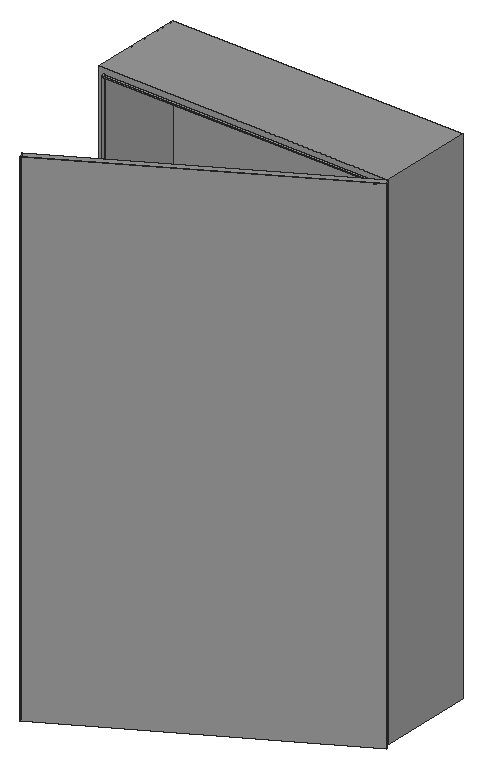
Revit family "Hager-Univers-IP55-D275-H1400-Cl.I-Steel_encl-NoHosted-AT-de", category Equipement électrique, Revit 2020
Family settings
  Configuration du panneau = Deux colonnes, circuits au sein
  Cote de connecteur circulaire = Utiliser le diamètre
  Type d'élément = Tableau de raccordement
  Basée sur le plan de construction = Oui
  Toujours verticalement = Oui
  Couper avec des vides une fois chargée = Non
  Partagée = Non
  Point de calcul de pièce = Non
Parameters (values of type "Aufputz IP55 B800 H1400 T275  - FR93E")
  Width Control [instance] = if([EF000008 - Breite] > Min Width, [EF000008 - Breite], Min Width)  # 800 mm
  Commentaires du type = [HG000003 - Bereich]  # "Univers"
  Thickness Door [instance] = if([EF009171 - Materialstärke Tür/Deckel] > 3 mm, 3 mm, [EF009171 - Materialstärke Tür/Deckel])  # 1.5 mm
  Seal Frame Offset [instance] = 17 mm  # constant formula
  Plinth Visibility [instance] = [HG000027 - Sockelhöhe] > 0 mm  # no
  Min Width [instance] = 100 mm  # constant formula
  Min Depth [instance] = (2 * [EF009170 - Materialstärke Gehäuse]) + 1 mm  # 4 mm
  Min Height [instance] = 100 mm  # constant formula
  Internal Frame Depth [instance] = (Door System Depth * 0.5)  # 9 mm
  Panel Name [instance] = ""  # (empty or 0)
  Model = ""
  HG000027 - Sockelhöhe = 0 mm
  HG000026 - Stehend auf dem Boden = no
  HG000024 - Höhe des unteren Teils = 600 mm
  HG000023 - Gehäuse mit doppeltem Querschnitt = no
  HG000016 - 3D-Türsichtbarkeit [instance] = yes
  HG000015 - Sichtbarkeit der Türöffnung [instance] = no
  HG000014 - Tür rechts [instance] = yes
  HG000013 - Tür links [instance] = not([HG000014 - Tür rechts])  # no
  HG000012 - Türschwenkwinkel [instance] = 30.00°
  HG000010 - Asymmetrische Türen = no
  HG000009 - Doppelflügeligen Tür = no
  HG000006 - Unterputz = no
  HG000004 - Herstellerreferenz = "FR93E"
  HG000003 - Bereich = "Univers"
  HG000002 - Mit tür = yes
  Frame Offset Bottom [instance] = 10 mm  # constant formula
  Frame Offset [instance] = 15 mm  # constant formula
  EF015940 - Deckel mit Überdruckentlastung = no
  EF011959 - Schutzart (NEMA) = ""
  EF009554 - Anzahl der Öffnungen für Flanschplatten = 6
  EF009212 - Ausführung Deckel = "EV000116 - geschlossen"
  EF009171 - Materialstärke Tür/Deckel = 1.5 mm
  EF009170 - Materialstärke Gehäuse = 1.5 mm
  EF008873 - Nennstrom (In) = 800 A
  EF007800 - Geeignet für Blitzschutz = no
  EF006306 - Mit Schloss = no
  EF006244 - Transparenter Deckel/Tür = no
  EF005474 - Schutzart (IP) = "EV006420 - IP55"
  EF004464 - Art der Tür = "EV002646 - Einzel"
  EF004427 - Anzahl der Module = 324
  EF004293 - Schlagfestigkeit = "EV008784 - IK10"
  EF003532 - Geeignet für Außengebrauch = no
  EF002950 - Breite in Teilungseinheiten = 24
  EF001613 - Funktionserhalt = "EV000494 - ohne"
  EF001596 - Werkstoff des Gehäuses = "EV000179 - Stahl"
  EF001131 - Innentiefe = 275 mm
  EF001088 - Anbaumöglichkeit = yes
  EF000437 - Anzahl der Leitungseinführungen = 6
  EF000339 - Art der Abdeckung = "EV004216 - Tür"
  EF000266 - Anzahl der Reihen = 9
  EF000218 - Einbautiefe = 0 mm
  EF000118 - Mit Montageplatte = no
  EF000116 - RAL-Nummer = "7035"
  EF000049 - Tiefe = 275 mm
  EF000040 - Höhe = 1400 mm
  EF000008 - Breite = 800 mm
  EF000007 - Farbe = "EV000270 - grau"
  EF000003 - Montageart = "EV000384 - Aufputz"
  Door System Leaf Tolerance [instance] = 1.5 mm  # constant formula
  Door System Depth [instance] = 18 mm  # constant formula
  Door Height [instance] = Height Control - [HG000027 - Sockelhöhe]  # 1400 mm
  Description = ""
  Default Elevation = 1219.2 mm
  Connector Offset [instance] = Height Control / 2  # 700 mm
  Fabricant = "Hager"  # constant formula
  Height Control [instance] = if([EF000040 - Höhe] > Min Height, [EF000040 - Höhe], Min Height)  # 1400 mm
  Depth Control [instance] = if([EF000049 - Tiefe] > Min Depth, [EF000049 - Tiefe], Min Depth)  # 275 mm
  Bottom Top Plate Trim [instance] = 1.5 mm  # constant formula
  Plinth height Ctrl [instance] = if([HG000027 - Sockelhöhe] > 0 mm, [HG000027 - Sockelhöhe], 12 mm)  # 12 mm
Types (5, lengths in mm): name | Width Control | HG000010 - Asymmetrische Türen | HG000009 - Doppelflügeligen Tür | HG000004 - Herstellerreferenz | EF009554 - Anzahl der Öffnungen für Flanschplatten | EF004464 - Art der Tür | EF004427 - Anzahl der Module | EF000437 - Anzahl der Leitungseinführungen | EF000008 - Breite
  Aufputz IP55 B1050 H1400 T275  - FR94E | 1050 | no | yes | "FR94E" | 8 | "EV003602 - Doppel" | 432 | 8 | 1050
  Aufputz IP55 B1300 H1400 T275  - FR95E | 1300 | yes | yes | "FR95E" | 10 | "EV003602 - Doppel" | 540 | 10 | 1300
  Aufputz IP55 B300 H1400 T275  - FR91E | 300 | no | no | "FR91E" | 2 | "EV002646 - Einzel" | 108 | 2 | 300
  Aufputz IP55 B550 H1400 T275  - FR92E | 550 | no | no | "FR92E" | 4 | "EV002646 - Einzel" | 216 | 4 | 550
  Aufputz IP55 B800 H1400 T275  - FR93E | 800 | no | no | "FR93E" | 6 | "EV002646 - Einzel" | 324 | 6 | 800
Reference planes
  plane 1 "Center (Front/Back)": y = 0
  plane 2: z = 0
  plane 3 "Center (Left/Right)": x = 0
  plane 4: y = 0
  plane 5: y = 0
  plane 6: z = 0
  plane 7: x = -400
  plane 8: x = 400
  plane 9: x = 398.5
  plane 10: x = -398.5
  plane 11: z = 0
  plane 12: z = 1.5
  plane 13: y = -275
  plane 14: y = -1.5
  plane 15: x = 0
  plane 16: y = -257
  plane 17: y = -273.5
  plane 18: y = -255.5
  plane 19: x = -383.5
  plane 20: x = 383.5
  plane 21: z = 11.5
  plane 22: x = -383
  plane 23: x = 383
  plane 24: z = 0
  plane 25: z = 1400
  plane 26: z = 1400
  plane 27: z = 1383.5
  plane 28: z = 1398.5
Forms (mm)
  Extrusion 1, solid, material "Hager_Steel_RAL7035_Light_Grey", detail levels medium+fine
    sketch origin (-208.679, -4572, 0) x (-1, 0, 0) y (0, -1, 0)
      loop
        line (191.321, -4315) -> (-608.679, -4315) -> (-608.679, -4572) -> (191.321, -4572) -> (191.321, -4315)
    from 0 to 1400
  Extrusion 2, void
    sketch origin (-350.771, -275, 1219.2) x (1, 0, 0) y (0, 0, 1)
      loop
        line (-47.729, 179.3) -> (-47.729, -1217.7) -> (749.271, -1217.7) -> (749.271, 179.3) -> (-47.729, 179.3)
    from -19.5 to -273.5
  Extrusion 3, void
    sketch origin (-290.084, -257, 1219.2) x (1, 0, 0) y (0, 0, 1)
      loop
        line (-93.416, -1207.7) -> (673.584, -1207.7) -> (673.584, 164.3) -> (-93.416, 164.3) -> (-93.416, -1207.7)
    from 0 to -1.5
  Extrusion 4, solid, material "Hager_Steel_RAL7035_Light_Grey", visible <- "Plinth Visibility", detail levels medium+fine
    sketch origin (0, 0, 0) x (1, 0, 0) y (0, 1, 0)
      loop
        line (-400, 0) -> (-400, -257) -> (400, -257) -> (400, 0) -> (-400, 0)
    from 0 to 12 <- "Plinth height Ctrl"
  Extrusion 5, solid, material "Hager_Steel_RAL7035_Light_Grey", detail levels coarse
    sketch origin (0, 0, 0) x (1, 0, 0) y (0, 1, 0)
      loop
        line (-400, 0) -> (-400, -275) -> (400, -275) -> (400, 0) -> (-400, 0)
    from 0 to 1400 <- "Height Control"
  Sweep 6, void
    path in 3D
      loop
        line (-400, -257, 12) -> (400, -257, 12) -> (400, 0, 12) -> (-400, 0, 12) -> (-400, -257, 12)
    profile origin (-400, -128.5, 12) x (1, 0, 0) y (0, 0, 1)
      loop
        line (0, 0) -> (0, -1.5) -> (1.5, -1.5)
        arc (1.5, -1.5) -> (1.061, -0.439) -> (0, 0) r 1.5
  Extrusion 7, solid, material "Hager_Steel_RAL7035_Light_Grey", detail levels fine
    sketch origin (-400, -257, 0) x (1, 0, 0) y (0, 0, 1)
      loop
        line (16.5, 11.5) -> (783.5, 11.5) -> (783.5, 1383.5) -> (16.5, 1383.5) -> (16.5, 11.5)
      loop
        line (15, 10) -> (785, 10) -> (785, 1385) -> (15, 1385) -> (15, 10)
    from 0 to 9 <- "Internal Frame Depth"
Cuts and joins
  Extrusion 2, Extrusion 3 cuts Extrusion 1
  Sweep 6 cuts Extrusion 4
Lines and regions (mm)
  Masking region 1
    outline origin (0, 0, 0) x (1, 0, 0) y (0, 1, 0)
      loop
        line (-400, 0) -> (-400, -275) -> (400, -275) -> (400, 0) -> (-400, 0)
  Masking region 2, detail levels coarse
    outline origin (-290.084, -257, 1219.2) x (-1, 0, 0) y (0, 0, 1)
      loop
        line (-690.084, -1219.2) -> (109.916, -1219.2) -> (109.916, 180.8) -> (-690.084, 180.8) -> (-690.084, -1219.2)
  Masking region 3, detail levels coarse
    outline origin (0, 0, 0) x (0, 1, 0) y (0, 0, 1)
      loop
        line (0, 0) -> (0, 1400) -> (-275, 1400) -> (-275, 0) -> (0, 0)
  Masking region 4, visible <- "Plinth Visibility", detail levels medium+fine
    outline origin (0, 0, 0) x (0, 1, 0) y (0, 0, 1)
      loop
        line (-1.5, 12) -> (-255.5, 12)
        arc (-255.5, 12) -> (-255.939, 10.939) -> (-257, 10.5) r 1.5
        line (-257, 10.5) -> (-257, 0) -> (0, 0) -> (0, 10.5)
        arc (0, 10.5) -> (-1.061, 10.939) -> (-1.5, 12) r 1.5
  Masking region 5, detail levels medium+fine
    outline origin (0, 0, 594.038) x (0, 1, 0) y (0, 0, 1)
      loop
        line (0, -594.038) -> (0, 805.962) -> (-257, 805.962) -> (-257, -594.038) -> (0, -594.038)
  Masking region 6, detail levels medium+fine
    outline origin (-359.7, -257, 1211.883) x (-1, 0, 0) y (0, 0, 1)
      loop
        line (-759.7, -1211.883) -> (40.3, -1211.883) -> (40.3, 188.117) -> (-759.7, 188.117) -> (-759.7, -1211.883)
  Masking region 7, visible <- "Plinth Visibility", detail levels medium+fine
    outline origin (-320.334, -257, 1041.368) x (-1, 0, 0) y (0, 0, 1)
      loop
        line (-720.334, -1041.368) -> (79.666, -1041.368) -> (79.666, -1030.868)
        arc (79.666, -1030.868) -> (78.606, -1030.429) -> (78.166, -1029.368) r 1.5
        line (78.166, -1029.368) -> (-718.834, -1029.368)
        arc (-718.834, -1029.368) -> (-719.273, -1030.429) -> (-720.334, -1030.868) r 1.5
        line (-720.334, -1030.868) -> (-720.334, -1041.368)
  sketch lines
    curve 1: line (-400, 0, 12) -> (-400, -257, 12)
    curve 2: line (-400, -257, 12) -> (400, -257, 12)
    curve 3: line (400, 0, 12) -> (-400, 0, 12)
    curve 4: line (400, -257, 12) -> (400, 0, 12)
Dimensions and locks
  locked: plane 1 "Center (Front/Back)" to plane 5
  "EF009170 - Materialstärke Gehäuse": plane 7 to plane 10
  "EF009170 - Materialstärke Gehäuse": plane 8 to plane 9
  equal spacing: plane 7, plane 3 "Center (Left/Right)", plane 8
  "Width Control": plane 7 to plane 8
  "Depth Control": plane 4 to plane 13
  "EF009170 - Materialstärke Gehäuse": plane 4 to plane 14
  "Height Control": plane 25 to level
  "HG000027 - Sockelhöhe": plane 11 to level
  "EF009170 - Materialstärke Gehäuse": plane 12 to plane 11
  "EF009170 - Materialstärke Gehäuse": plane 17 to plane 13
  "EF009170 - Materialstärke Gehäuse": plane 18 to plane 16
  "Frame Offset Bottom": plane 21 to plane 12
  "Frame Offset": plane 10 to plane 19
  "Frame Offset": plane 9 to plane 20
  "Door System Depth": plane 16 to plane 13
  "Seal Frame Offset": plane 7 to plane 22
  "Seal Frame Offset": plane 8 to plane 23
  "EF009170 - Materialstärke Gehäuse": plane 26 to plane 28
  "Frame Offset": plane 28 to plane 27
  "Connector Offset": plane 2 to connector elem
  "Bottom Top Plate Trim": profile plane to Sweep 6 sketch curve
  "Bottom Top Plate Trim": Sweep 6 sketch curve to Sweep 6 sketch curve
  "Plinth height Ctrl": Masking region 4 sketch curve to level
  "Plinth height Ctrl": Masking region 7 sketch curve to level
  "Thickness Door": Extrusion 7 sketch curve to Extrusion 7 sketch curve  (x4)
  "Bottom Top Plate Trim": radius of Sweep 6 sketch curve
  "Bottom Top Plate Trim": radius of Masking region 4 sketch curve  (x2)
  "Bottom Top Plate Trim": radius of Masking region 7 sketch curve  (x2)
  aligned and locked: Extrusion 2 sketch curve to plane 12
  aligned and locked: Extrusion 2 sketch curve to plane 9
  aligned and locked: Extrusion 2 sketch curve to plane 10
  aligned and locked: Extrusion 2 to plane 14
  aligned and locked: Extrusion 1 sketch curve to plane 4
  aligned and locked: plane 8 to Extrusion 1 sketch curve
  aligned and locked: plane 7 to Extrusion 1 sketch curve
  aligned and locked: Extrusion 2 to plane 18
  aligned and locked: Extrusion 3 sketch curve to plane 19
  aligned and locked: plane 20 to Extrusion 3 sketch curve
  aligned and locked: Extrusion 3 to Extrusion 2
  aligned and locked: Extrusion 3 sketch curve to plane 21
  aligned and locked: plane 3 "Center (Left/Right)" to nested 1
  aligned and locked: Extrusion 1 sketch curve to plane 16
  aligned and locked: Extrusion 4 sketch curve to cut or joined group of Extrusion 1, Extrusion 2, Extrusion 3
  aligned and locked: Masking region 1 sketch curve to plane 7
  aligned and locked: Masking region 1 sketch curve to plane 5
  aligned and locked: Masking region 1 sketch curve to plane 8
  aligned and locked: Masking region 2 sketch curve to level
  aligned and locked: level to Masking region 3 sketch curve
  aligned and locked: plane 1 "Center (Front/Back)" to Masking region 3 sketch curve
  aligned and locked: plane 13 to Masking region 3 sketch curve
  aligned and locked: plane 5 to Masking region 4 sketch curve
  aligned and locked: Masking region 2 sketch curve to plane 8
  aligned and locked: Masking region 2 sketch curve to plane 7
  aligned and locked: plane 7 to nested 2
  aligned and locked: nested 2 to plane 5
  aligned and locked: plane 5 to Masking region 5 sketch curve
  aligned and locked: plane 26 to Masking region 5 sketch curve
  aligned and locked: Extrusion 5 sketch curve to plane 8
  aligned and locked: Extrusion 5 sketch curve to plane 7
  aligned and locked: Extrusion 5 sketch curve to plane 5
  aligned and locked: Extrusion 3 sketch curve to plane 27
  aligned and locked: Extrusion 2 sketch curve to plane 28
  aligned and locked: Masking region 2 to plane 25
  aligned and locked: Extrusion 4 to plane 16
  aligned and locked: profile plane to Sweep 6 sketch curve
  aligned and locked: Masking region 5 sketch curve to plane 24
  aligned and locked: level to Masking region 4 sketch curve
  aligned and locked: Masking region 1 to plane 13
  aligned and locked: nested 1 to plane 16
  aligned and locked: Masking region 3 to plane 25
  aligned and locked: plane 16 to Masking region 4 sketch curve
  aligned and locked: Masking region 5 sketch curve to plane 16
  aligned and locked: plane 24 to plane 11
  aligned and locked: plane 26 to plane 25
  aligned and locked: plane 26 to cut or joined group of Extrusion 1, Extrusion 2, Extrusion 3
  aligned and locked: nested 1 to plane 24
  aligned and locked: Extrusion 1 to Extrusion 3
  aligned and locked: Masking region 6 sketch curve to plane 8
  aligned and locked: Masking region 6 sketch curve to plane 24
  aligned and locked: Masking region 6 sketch curve to plane 7
  aligned and locked: Masking region 6 sketch curve to plane 26
  aligned and locked: Masking region 7 sketch curve to plane 7
  aligned and locked: level to Masking region 7 sketch curve
  aligned and locked: Masking region 7 sketch curve to plane 8
  aligned and locked: Extrusion 7 sketch curve to cut or joined group of Extrusion 1, Extrusion 2, Extrusion 3  (x4)
Automatic sketch dimensions
  plane 19 to Extrusion 3 sketch curve = 0 mm
  Extrusion 3 sketch curve to plane 20 = 0 mm
  Extrusion 3 sketch curve to plane 21 = 0 mm
  Extrusion 4 sketch curve to plane 7 = 0 mm
  Extrusion 4 sketch curve to plane 8 = 0 mm
  Extrusion 4 sketch curve to plane 16 = 0 mm
  Masking region 1 sketch curve to plane 13 = 0 mm
  Masking region 2 sketch curve to plane 25 = 0 mm
  Masking region 3 sketch curve to plane 25 = 0 mm
  Extrusion 5 sketch curve to plane 13 = 0 mm
  profile plane to Sweep 6 sketch curve = 0 mm
Nested families
  nested 1: "EC000058_Univers_Door" at (0, -257, 0), Double <- "HG000009 - Doppelflügeligen Tür", Transparent <- "EF006244 - Transparenter Deckel/Tür", Angle <- "HG000012 - Türschwenkwinkel", Door_Right <- "HG000014 - Tür rechts", Assymetrical <- "HG000010 - Asymmetrische Türen", Door <- "HG000002 - Mit tür", Width_Ctrl <- "Width Control", 3d_Door <- "HG000016 - 3D-Türsichtbarkeit", Clearance <- "HG000015 - Sichtbarkeit der Türöffnung", Door_Left <- "HG000013 - Tür links", Width <- "Width Control", Door_Depth <- "Door System Depth", Leaf_Tolerance <- "Door System Leaf Tolerance", Height <- "Door Height", Lock_Visibility <- "EF006306 - Mit Schloss", Thickness <- "Thickness Door", type "EC000058_Univers_Door", detail levels medium+fine
    with min_wh 4 mm, Width_Ctrl 800 mm, Width 800 mm, Transparent no, Thickness 1.5 mm, Seal_Material Hager_Rubber, Lock_Visibility no, Lock_Material Hager_Plastic_RAL9005_Jet_Black, Leaf_Width 800 mm, Leaf_Tolerance_External_Sides 0 mm, Leaf_Tolerance 1.5 mm, Leaf_Offset 0 mm, Leaf_Height 1397 mm, Leaf_2_Width 800 mm, Leaf_2_Offset 400 mm, Leaf_1_Width 800 mm, Leaf_1_Offset 400 mm, Height_Ctrl 1400 mm, Height 1400 mm, Glass_Material Hager_Glass, Double_Clearance_Ctrl no, Double no, Door_Right_Ctrl yes, Door_Right yes, Door_Material Hager_Steel_RAL7035_Light_Grey, Door_Left_Ctrl no, Door_Left no, Door_Depth 18 mm, Door yes, Clearance_Material Hager_Clearance, Clearance_Depth 800 mm, Clearance_Ctrl no, Clearance no, Assymetrical no, Angle 30.00°, 3d_Door yes
  nested 2: "Hager_Enclosure_Symbol" at (-400, 0, 0), Height <- "Depth Control", Width <- "Width Control", type "Hager_Enclosure_Symbol"
    with Width_Ctrl 800 mm, Width 800 mm, Height_Ctrl 275 mm, Height 275 mm, A_Width_Int 18.047 mm, A_Width 216.562 mm, A_Height_Ctrl 240.625 mm, A_Height 240.625 mm
Connectors
  electrical at (0, 0, 700)
    settings: on plane 1 "Center (Front/Back)", index 1, voltage 0 V, apparent load 0 VA, apparent load phase1 0 VA, apparent load phase2 0 VA, apparent load phase3 0 VA, power factor 1, load classification "Other", number of poles 1, system type 30, power factor state 1, is connector primary yes, connector utility no, sub classification motor no, connector description ""
Definition of nested family "EC000058_Univers_Door"
  Parameters (values of type "EC000058_Univers_Door")
    min_wh [instance] = (2 * Thickness) + 1 mm  # 11 mm
    Width_Ctrl [instance] = 400 mm
    Width [instance] = 500 mm
    Transparent [instance] = yes
    Thickness [instance] = 5 mm
    Seal_Material [instance] = none
    Lock_Visibility [instance] = yes
    Lock_Material [instance] = none
    Leaf_Width [instance] = if((Width_Ctrl - 2 * Leaf_Tolerance_External_Sides) > 0 mm, (Width_Ctrl - 2 * Leaf_Tolerance_External_Sides), min_wh)  # 400 mm
    Leaf_Tolerance_External_Sides [instance] = 0 mm  # constant formula
    Leaf_Tolerance [instance] = 1.5 mm
    Leaf_Offset [instance] = 0 mm  # constant formula
    Leaf_Height [instance] = if((Height_Ctrl - 2 * Leaf_Tolerance) > 0 mm, (Height_Ctrl - 2 * Leaf_Tolerance), min_wh)  # 497 mm
    Leaf_2_Width [instance] = if(and(and(Double, Assymetrical), Door_Left), (Leaf_Width / 3) - (Leaf_Tolerance / 2), if(and(and(Double, Assymetrical), Door_Right), (Leaf_Width / 3) * 2 - (Leaf_Tolerance / 2), if(and(Double, not(Assymetrical)), (Leaf_Width / 2) - Leaf_Tolerance, Leaf_Width)))  # 400 mm
    Leaf_2_Offset [instance] = if(and(Double, Assymetrical), Leaf_2_Width / 2, if(and(Double, not(Assymetrical)), Leaf_Width / 4, Leaf_Width / 2))  # 200 mm
    Leaf_1_Width [instance] = if(and(and(Double, Assymetrical), Door_Right), (Leaf_Width / 3) - (Leaf_Tolerance / 2), if(and(and(Double, Assymetrical), Door_Left), (Width / 3) * 2 - (Leaf_Tolerance / 2), if(and(Double, not(Assymetrical)), (Leaf_Width / 2) - Leaf_Tolerance, Leaf_Width)))  # 400 mm
    Leaf_1_Offset [instance] = if(and(Double, Assymetrical), Leaf_1_Width / 2, if(and(Double, not(Assymetrical)), Leaf_Width / 4, Leaf_Width / 2))  # 200 mm
    Height_Ctrl [instance] = if(Height > min_wh, Height, min_wh)  # 500 mm
    Height [instance] = 500 mm
    Glass_Material [instance] = none
    Double_Clearance_Ctrl [instance] = and(Double, Clearance)  # no
    Double [instance] = no
    Door_Right_Ctrl [instance] = and(or(Door_Right, Double), Door)  # yes
    Door_Right [instance] = yes
    Door_Material [instance] = none
    Door_Left_Ctrl [instance] = and(or(Door_Left, Double), Door)  # no
    Door_Left [instance] = no
    Door_Depth [instance] = 30 mm
    Door [instance] = yes
    Default Elevation = 1219.2 mm
    Clearance_Material [instance] = none
    Clearance_Depth [instance] = if(Leaf_1_Width > Leaf_2_Width, Leaf_1_Width, Leaf_2_Width)  # 400 mm
    Clearance_Ctrl [instance] = and(not(Double), Clearance)  # yes
    Clearance [instance] = yes
    Assymetrical [instance] = yes
    Angle [instance] = 30.00°
    3d_Door [instance] = yes
  Reference planes
    plane 1 "Center (Front/Back)": y = 0
    plane 2 "Bottom": z = 0
    plane 3 "Center (Left/Right)": x = 0
    plane 4: z = 500
    plane 5: x = -200
    plane 6: x = 200
    plane 7: z = 500
    plane 8: x = -200
    plane 9: z = 0
    plane 10: x = 200
    plane 11: y = 0
    plane 12: z = 1.5
    plane 13: x = -600
    plane 14: y = -400
    plane 15: x = 600
    plane 16: x = 0
    plane 17: x = 0
    plane 18: x = -200
    plane 19: x = 200
    plane 20: z = 498.5
  Forms (mm)
    Extrusion 1, solid, material <- "Clearance_Material", visible <- "Double_Clearance_Ctrl"
      sketch origin (1200, 0, 0) x (1, 0, 0) y (0, 0, -1)
        loop
          line (-1800, -498.5) -> (-600, -498.5) -> (-600, 0) -> (-1800, 0) -> (-1800, -498.5)
      from 0 to -400
  Dimensions and locks
    equal spacing: plane 5, plane 3 "Center (Left/Right)", plane 6
    "Width_Ctrl": plane 5 to plane 6
    "Leaf_Offset": plane 5 to plane 8
    "Leaf_Offset": plane 6 to plane 10
    "Leaf_Offset": plane 9 to level
    "Leaf_Offset": plane 4 to plane 7
    "Height_Ctrl": plane 4 to level
    "Leaf_Tolerance": plane 12 to plane 9
    locked: plane 11 to plane 1 "Center (Front/Back)"
    "Leaf_1_Offset": plane 18 to plane 16
    "Leaf_2_Offset": plane 17 to plane 19
    "Leaf_1_Width": plane 13 to plane 8
    "Leaf_2_Width": plane 10 to plane 15
    "Clearance_Depth": plane 14 to plane 1 "Center (Front/Back)"
    "Leaf_Tolerance_External_Sides": plane 8 to plane 18
    "Leaf_Tolerance_External_Sides": plane 19 to plane 10
    "Leaf_Tolerance": plane 7 to plane 20
    aligned and locked: level to plane 2 "Bottom"
    aligned and locked: nested 1 to plane 16
    aligned and locked: nested 2 to plane 17
    aligned and locked: Extrusion 1 to plane 13
    aligned and locked: plane 15 to Extrusion 1
    aligned and locked: Extrusion 1 to plane 14
    aligned and locked: plane 12 to nested 1
    aligned and locked: nested 2 to plane 12
    aligned and locked: Extrusion 1 to plane 11
    aligned and locked: plane 20 to Extrusion 1
    aligned and locked: nested 2 to plane 11
    aligned and locked: nested 1 to plane 11
  Automatic sketch dimensions
    Extrusion 1 sketch curve to level = 0 mm
    plane 5 to Extrusion 1 sketch curve = 400 mm
    plane 6 to Extrusion 1 sketch curve = 400 mm
    Extrusion 1 sketch curve to plane 4 = 1.5 mm
  Nested families
    nested 1: "EC000058_Univers_Door_Leaf" at (0, 0, 1.5), Width <- "Leaf_1_Width", visible <- "Door_Left_Ctrl", Leaf_Height <- "Leaf_Height", Angle <- "Angle", 3d_Door <- "3d_Door", Transparent <- "Transparent", Clearance Material <- "Clearance_Material", Clearance <- "Clearance_Ctrl", Door_Material <- "Door_Material", Glass_Material <- "Glass_Material", Door_Depth <- "Door_Depth", Lock_Material <- "Lock_Material", Seal_Material <- "Seal_Material", Lock_Visibility <- "Lock_Visibility", Thickness <- "Thickness", type "EC000058_Univers_Door_Leaf"
      with Width 400 mm, Transparent_Glass_Offset 30 mm, Transparent_Ctrl yes, Transparent yes, Thickness 5 mm, Standard no, Seal_Material none, Seal_D2 8 mm, Seal_D1 1 mm, Offset_Internal_Frame 10 mm, Lock_Width 20 mm, Lock_Visibility_3d yes, Lock_Visibility yes, Lock_Thickness_3 3 mm, Lock_Thickness_2 1 mm, Lock_Thickness_1 3 mm, Lock_Radius_Offset_2 16 mm, Lock_Radius_Offset_1 15 mm, Lock_Radius_2 5 mm, Lock_Radius 6 mm, Lock_Offset 5 mm, Lock_Material none, Lock_Height 80 mm, Lock_Cover_Top_Offset_2d 17 mm, Lock_Cover_Height -65 mm, Leaf_Height 497 mm, Internal_Seal_Thickness 8 mm, Internal_Seal_Depth_2 4.5 mm, Internal_Frame_Depth 25 mm, Glass_Thickness -1 mm, Glass_Offset -2 mm, Glass_Material none, Door_Material none, Door_Depth 30 mm, Clearance Material none, Clearance yes, Angle_Ctrl 30.00°, Angle 30.00°, 3d_Door yes
    nested 2: "EC000058_Univers_Door_Leaf" at (0, 0, 1.5) x (-1, 0, 0) z (0, 0, 1), Width <- "Leaf_2_Width", visible <- "Door_Right_Ctrl", Leaf_Height <- "Leaf_Height", Angle <- "Angle", 3d_Door <- "3d_Door", Transparent <- "Transparent", Clearance Material <- "Clearance_Material", Clearance <- "Clearance_Ctrl", Door_Material <- "Door_Material", Glass_Material <- "Glass_Material", Door_Depth <- "Door_Depth", Lock_Material <- "Lock_Material", Seal_Material <- "Seal_Material", Lock_Visibility <- "Lock_Visibility", Thickness <- "Thickness", type "EC000058_Univers_Door_Leaf"
      with Width 400 mm, Transparent_Glass_Offset 30 mm, Transparent_Ctrl yes, Transparent yes, Thickness 5 mm, Standard no, Seal_Material none, Seal_D2 8 mm, Seal_D1 1 mm, Offset_Internal_Frame 10 mm, Lock_Width 20 mm, Lock_Visibility_3d yes, Lock_Visibility yes, Lock_Thickness_3 3 mm, Lock_Thickness_2 1 mm, Lock_Thickness_1 3 mm, Lock_Radius_Offset_2 16 mm, Lock_Radius_Offset_1 15 mm, Lock_Radius_2 5 mm, Lock_Radius 6 mm, Lock_Offset 5 mm, Lock_Material none, Lock_Height 80 mm, Lock_Cover_Top_Offset_2d 17 mm, Lock_Cover_Height -65 mm, Leaf_Height 497 mm, Internal_Seal_Thickness 8 mm, Internal_Seal_Depth_2 4.5 mm, Internal_Frame_Depth 25 mm, Glass_Thickness -1 mm, Glass_Offset -2 mm, Glass_Material none, Door_Material none, Door_Depth 30 mm, Clearance Material none, Clearance yes, Angle_Ctrl 30.00°, Angle 30.00°, 3d_Door yes
  Definition of nested family "EC000058_Univers_Door_Leaf"
    Parameters (values of type "EC000058_Univers_Door_Leaf")
      Width [instance] = 2000 mm
      Transparent_Glass_Offset [instance] = 30 mm
      Transparent_Ctrl [instance] = and(Transparent, [3d_Door])  # yes
      Transparent [instance] = yes
      Thickness [instance] = 5 mm
      Standard [instance] = and(not(Transparent), [3d_Door])  # no
      Seal_Material [instance] = none
      Seal_D2 [instance] = 8 mm  # constant formula
      Seal_D1 [instance] = 1 mm  # constant formula
      Offset_Internal_Frame [instance] = 10 mm  # constant formula
      Lock_Width [instance] = 20 mm  # constant formula
      Lock_Visibility_3d [instance] = and(Lock_Visibility, [3d_Door])  # yes
      Lock_Visibility [instance] = yes
      Lock_Thickness_3 [instance] = 3 mm  # constant formula
      Lock_Thickness_2 [instance] = 1 mm  # constant formula
      Lock_Thickness_1 [instance] = 3 mm  # constant formula
      Lock_Radius_Offset_2 [instance] = Lock_Radius_Offset_1 + 1 mm  # 16 mm
      Lock_Radius_Offset_1 [instance] = 15 mm  # constant formula
      Lock_Radius_2 [instance] = Lock_Radius - 1 mm  # 5 mm
      Lock_Radius [instance] = 6 mm  # constant formula
      Lock_Offset [instance] = 5 mm  # constant formula
      Lock_Material [instance] = none
      Lock_Height [instance] = 80 mm  # constant formula
      Lock_Cover_Top_Offset_2d [instance] = Lock_Radius_Offset_2 + 1 mm  # 17 mm
      Lock_Cover_Height [instance] = -(Lock_Height - Lock_Radius_Offset_1)  # -65 mm
      Leaf_Height [instance] = 2720.336 mm
      Internal_Seal_Thickness [instance] = 8 mm  # constant formula
      Internal_Seal_Depth_2 [instance] = 4.5 mm  # constant formula
      Internal_Frame_Depth [instance] = if(Door_Depth - Thickness > 5 mm, Door_Depth - Thickness, 5 mm)  # 25 mm
      Glass_Thickness [instance] = if(Thickness > 15 mm, Glass_Offset + 10 mm, -1 mm)  # -1 mm
      Glass_Offset [instance] = if(Thickness > 15 mm, -(Thickness + 10 mm) / 2, -2 mm)  # -2 mm
      Glass_Material [instance] = none
      Door_Material [instance] = none
      Door_Depth [instance] = 30 mm
      Default Elevation = 0 mm
      Clearance Material [instance] = none
      Clearance [instance] = yes
      Angle_Ctrl [instance] = if(Angle > 180.00°, 180.00°, Angle)  # 90.00°
      Angle [instance] = 90.00°
      3d_Door [instance] = yes
    Reference planes
      plane 1 "Center (Front/Back)": y = 0
      plane 2: z = 0
      plane 3 "Center (Left/Right)": x = 0
      plane 4: y = 2000
      plane 5: x = -1000
      plane 6: x = 1000
      plane 7: x = -3000
      plane 8: z = 2720.336
      plane 9: z = 30
      plane 10: z = 2690.336
      plane 11: x = 970
      plane 12: x = -970
      plane 13: y = -3
      plane 14: z = 107.833
      plane 15: y = -5
      plane 16: y = -223.314
      plane 17: x = -1000
      plane 18: z = 1360.168
      plane 19: y = 30
    Forms (mm)
      Extrusion 1, solid, material <- "Clearance Material", visible <- "Clearance"
        sketch origin (0, 0, 0) x (1, 0, 0) y (0, 0, 1)
          loop
            line (-3000, 2720.336) -> (-3000, 0) -> (1000, 0) -> (1000, 2720.336) -> (-3000, 2720.336)
        from 0 to -2000
      Extrusion 2, solid, material <- "Door_Material", visible <- "Standard", detail levels medium+fine
        sketch origin (-1000, 0, 0) x (0, 1, 0) y (-1, 0, 0)
          loop
            line (0, 30) -> (0, 25) -> (2000, 25) -> (2000, 30) -> (0, 30)
        from 0 to 2720.336 <- "Leaf_Height"
      Extrusion 3, solid, material <- "Door_Material", visible <- "Transparent_Ctrl", detail levels medium+fine
        sketch origin (-1000, 0, 0) x (0, 1, 0) y (-1, 0, 0)
          loop
            line (0, 25) -> (2000, 25) -> (2000, 30) -> (0, 30) -> (0, 25)
        from 0 to 2720.336 <- "Leaf_Height"
      Extrusion 4, void
        sketch origin (-1025, 2000, 0) x (0, 1, 0) y (0, 0, -1)
          loop
            line (-30, -2690.336) -> (-30, -30) -> (-1970, -30) -> (-1970, -2690.336) -> (-30, -2690.336)
        from 0 to 5 <- "Thickness"
      Sweep 5, solid, material <- "Seal_Material", visible <- "Transparent_Ctrl", detail levels fine
        path in 3D
          loop
            line (-1025, 30, 30) -> (-1025, 30, 2690.336) -> (-1025, 1970, 2690.336) -> (-1025, 1970, 30) -> (-1025, 30, 30)
        profile origin (-1025, 1000, 30) x (1, 0, 0) y (0, 0, 1)
          loop
            line (0, 0) -> (0, -8) -> (1, -8) -> (1, 0) -> (0, 0)
      Extrusion 6, solid, material <- "Glass_Material", visible <- "Transparent_Ctrl", detail levels medium+fine
        sketch origin (-1030, 0, 0) x (0, 1, 0) y (0, 0, -1)
          loop
            line (1970, -2690.336) -> (1970, -30) -> (30, -30) -> (30, -2690.336) -> (1970, -2690.336)
        from -2 <- "Glass_Offset" to -1 <- "Glass_Thickness"
      Extrusion 7, solid, material <- "Door_Material", visible <- "3d_Door", detail levels medium+fine
        sketch origin (-1025, 2000, 0) x (0, -1, 0) y (0, 0, -1)
          loop
            line (0, -2720.336) -> (2000, -2720.336) -> (2000, 0) -> (0, 0) -> (0, -2720.336)
          loop
            line (1995, -5) -> (5, -5) -> (5, -2715.336) -> (1995, -2715.336) -> (1995, -5)
        from 0 to 25 <- "Internal_Frame_Depth"
      Sweep 8, solid, material <- "Seal_Material", visible <- "Transparent_Ctrl", detail levels fine
        path in 3D
          loop
            line (-1025, 0, 0) -> (-1025, 2000, 0) -> (-1025, 2000, 2720.336) -> (-1025, 0, 2720.336) -> (-1025, 0, 0)
        profile origin (-1025, 0, 1360.168) x (1, 0, 0) y (0, 1, 0)
          loop
            line (0, 10) -> (2.975, 10)
            arc (2.975, 10) -> (4.053, 10.447) -> (4.5, 11.525) r 1.525
            line (4.5, 11.525) -> (4.5, 16.527)
            arc (4.5, 16.527) -> (4.069, 17.569) -> (3.027, 18) r 1.473
            line (3.027, 18) -> (0, 18) -> (0, 10)
      Extrusion 9, solid, material <- "Lock_Material", visible <- "Lock_Visibility_3d", detail levels fine
        sketch origin (-1030, 0, 0) x (0, 1, 0) y (0, 0, -1)
          loop
            arc (1993.5, -1400.168) -> (1994.561, -1399.729) -> (1995, -1398.668) r 1.5
            line (1995, -1398.668) -> (1995, -1320.168) -> (1975, -1320.168) -> (1975, -1398.668)
            arc (1975, -1398.668) -> (1975.439, -1399.729) -> (1976.5, -1400.168) r 1.5
            line (1976.5, -1400.168) -> (1993.5, -1400.168)
        from 3 <- "Lock_Thickness_1" to 0
      Blend 10, solid, material <- "Lock_Material", visible <- "Lock_Visibility_3d", detail levels fine
        base sketch origin (-1033, 0, 0) x (0, 1, 0) y (0, 0, -1)
          loop
            line (1975, -1320.168) -> (1975, -1398.668)
            arc (1975, -1398.668) -> (1975.439, -1399.729) -> (1976.5, -1400.168) r 1.5
            line (1976.5, -1400.168) -> (1993.5, -1400.168)
            arc (1993.5, -1400.168) -> (1994.561, -1399.729) -> (1995, -1398.668) r 1.5
            line (1995, -1398.668) -> (1995, -1320.168) -> (1975, -1320.168)
        top sketch origin (-1033, 0, 0) x (0, 1, 0) y (0, 0, -1)
          loop
            line (1976, -1320.168) -> (1976, -1398.668)
            arc (1976, -1398.668) -> (1976.146, -1399.022) -> (1976.5, -1399.168) r 0.5
            line (1976.5, -1399.168) -> (1993.5, -1399.168)
            arc (1993.5, -1399.168) -> (1993.854, -1399.022) -> (1994, -1398.668) r 0.5
            line (1994, -1398.668) -> (1994, -1320.168) -> (1976, -1320.168)
        from 0 to 1 <- "Lock_Thickness_2"
      Blend 11, solid, material <- "Lock_Material", visible <- "Lock_Visibility_3d", detail levels fine
        base sketch origin (-1034, 0, 0) x (0, 1, 0) y (0, 0, -1)
          loop
            line (1978, -1320.168) -> (1978, -1384.168)
            arc (1978, -1384.168) -> (1985, -1391.168) -> (1992, -1384.168) r 7
            line (1992, -1384.168) -> (1992, -1320.168) -> (1978, -1320.168)
        top sketch origin (-1034, 0, 0) x (0, 1, 0) y (0, 0, -1)
          loop
            line (1991, -1320.168) -> (1979, -1320.168) -> (1979, -1383.168)
            arc (1979, -1383.168) -> (1985, -1389.168) -> (1991, -1383.168) r 6
            line (1991, -1383.168) -> (1991, -1320.168)
        from 0 to 3 <- "Lock_Thickness_3"
      Extrusion 12, solid, material <- "Lock_Material", visible <- "Lock_Visibility_3d", detail levels fine
        sketch origin (-1030, 1975, 1320.168) x (1, 0, 0) y (0, -1, 0)
          loop
            line (-7, -19) -> (-7, -1) -> (0, -1) -> (0, 0) -> (-8, 0) -> (-8, -20) -> (0, -20) -> (0, -19) -> (-7, -19)
        from 0 to -65 <- "Lock_Cover_Height"
      Extrusion 13, void
        sketch origin (-1038, 1995, 1320.168) x (-1, 0, 0) y (0, 0, -1)
          loop
            line (-5, -65) -> (0, -65) -> (-5, -60) -> (-5, -65)
        from 0 to 20 <- "Lock_Width"
      Extrusion 14, void
        sketch origin (-1038, 1975, 1320.168) x (0, -1, 0) y (0, 0, -1)
          loop
            circle (-10, -15.995) r 6
          loop
            circle (-10, -15.995) r 5
        from 0 to 2
      Extrusion 15, solid, material <- "Lock_Material", visible <- "Lock_Visibility_3d", detail levels medium
        sketch origin (-1030, 0, 0) x (0, 1, 0) y (0, 0, -1)
          loop
            arc (1993.5, -1400.168) -> (1994.561, -1399.729) -> (1995, -1398.668) r 1.5
            line (1995, -1398.668) -> (1995, -1320.168) -> (1975, -1320.168) -> (1975, -1398.668)
            arc (1975, -1398.668) -> (1975.439, -1399.729) -> (1976.5, -1400.168) r 1.5
            line (1976.5, -1400.168) -> (1993.5, -1400.168)
        from 8 to 0
    Cuts and joins
      Extrusion 4 cuts Extrusion 3
      Extrusion 13, Extrusion 14 cuts Extrusion 9
      Extrusion 14 cuts Blend 11
      Extrusion 13, Extrusion 14 cuts Extrusion 12
      joined: Extrusion 9, Blend 10, Blend 11, Extrusion 12
      Extrusion 14 cuts Extrusion 15
    Lines and regions (mm)
      Masking region 1, visible <- "Lock_Visibility", detail levels fine
        outline origin (0, 0, 0) x (0, 1, 0) y (0, 0, 1)
          loop
            line (30, 1320.168) -> (33, 1320.168) -> (33, 1400.168) -> (30, 1400.168) -> (30, 1320.168)
      Masking region 2, visible <- "Lock_Visibility", detail levels fine
        outline origin (0, 3.143, 0) x (0, 1, 0) y (0, 0, 1)
          loop
            line (29.857, 1354.168) -> (30.857, 1354.168) -> (30.857, 1366.168) -> (29.857, 1366.168) -> (29.857, 1354.168)
      Masking region 3, detail levels medium+fine
        outline origin (0, 0, 0) x (0, 1, 0) y (0, 0, 1)
          loop
            line (0, 0) -> (30, 0) -> (30, 2720.336) -> (0, 2720.336) -> (0, 0)
      Masking region 4, detail levels medium+fine
        outline origin (0, 0, 0) x (1, 0, 0) y (0, 0, 1)
          loop
            line (-1000, 2720.336) -> (-1000, 0) -> (1000, 0) -> (1000, 2720.336) -> (-1000, 2720.336)
      Masking region 5, visible <- "Lock_Visibility", detail levels fine
        outline origin (-47.116, 0, 0) x (1, 0, 0) y (0, 0, 1)
          loop
            arc (1024.616, 1399.168) -> (1023.556, 1398.729) -> (1023.116, 1397.668) r 1.5
            line (1023.116, 1397.668) -> (1023.116, 1320.168) -> (1041.116, 1320.168) -> (1041.116, 1397.668)
            arc (1041.116, 1397.668) -> (1040.677, 1398.729) -> (1039.616, 1399.168) r 1.5
            line (1039.616, 1399.168) -> (1024.616, 1399.168)
      Masking region 6, visible <- "Lock_Visibility", detail levels medium+fine
        outline origin (-25, 0, 0) x (1, 0, 0) y (0, 0, 1)
          loop
            arc (1001.5, 1400.168) -> (1000.439, 1399.729) -> (1000, 1398.668) r 1.5
            line (1000, 1398.668) -> (1000, 1320.168) -> (1020, 1320.168) -> (1020, 1398.668)
            arc (1020, 1398.668) -> (1019.561, 1399.729) -> (1018.5, 1400.168) r 1.5
            line (1018.5, 1400.168) -> (1001.5, 1400.168)
      Masking region 7, visible <- "Lock_Visibility", detail levels fine
        outline origin (-73.735, 0, 0) x (1, 0, 0) y (0, 0, 1)
          loop
            line (1051.735, 1382.168) -> (1065.735, 1382.168) -> (1065.735, 1384.168)
            arc (1065.735, 1384.168) -> (1058.735, 1391.168) -> (1051.735, 1384.168) r 7
            line (1051.735, 1384.168) -> (1051.735, 1382.168)
      Masking region 8, visible <- "Lock_Visibility", detail levels fine
        outline origin (-73.735, 0, 0) x (1, 0, 0) y (0, 0, 1)
          loop
            line (1052.735, 1382.168) -> (1064.735, 1382.168) -> (1064.735, 1383.168)
            arc (1064.735, 1383.168) -> (1058.735, 1389.168) -> (1052.735, 1383.168) r 6
            line (1052.735, 1383.168) -> (1052.735, 1382.168)
      Masking region 9, visible <- "Lock_Visibility", detail levels fine
        outline origin (-25, 0, 0) x (1, 0, 0) y (0, 0, 1)
          loop
            line (1020, 1320.168) -> (1020, 1382.168) -> (1000, 1382.168) -> (1000, 1320.168) -> (1020, 1320.168)
      Masking region 10, detail levels medium+fine
        outline origin (0, 0, 0) x (1, 0, 0) y (0, 0, 1)
          loop
            circle (985, 1335.144) r 6
      Masking region 11, detail levels fine
        outline origin (0, 0, 0) x (1, 0, 0) y (0, 0, 1)
          loop
            circle (985, 1335.144) r 5
      Masking region 12, visible <- "Lock_Visibility", detail levels fine
        outline origin (0, 12.767, 0) x (0, 1, 0) y (0, 0, 1)
          loop
            line (20.233, 1320.168) -> (21.233, 1320.168) -> (21.233, 1399.168) -> (20.233, 1400.168) -> (20.233, 1320.168)
      Masking region 13, visible <- "Lock_Visibility", detail levels fine
        outline origin (0, 13.767, -10) x (0, 1, 0) y (0, 0, 1)
          loop
            line (20.233, 1330.168) -> (23.233, 1330.168) -> (23.233, 1399.168) -> (20.233, 1402.168) -> (20.233, 1330.168)
      Masking region 14, visible <- "Lock_Visibility", detail levels fine
        outline origin (0, 12.767, -10) x (0, 1, 0) y (0, 0, 1)
          loop
            line (20.233, 1330.168) -> (25.233, 1330.168) -> (25.233, 1399.305) -> (20.233, 1394.305) -> (20.233, 1330.168)
      Masking region 15, visible <- "Lock_Visibility", detail levels medium
        outline origin (0, 0, 0) x (0, 1, 0) y (0, 0, 1)
          loop
            line (30, 1320.168) -> (38, 1320.168) -> (38, 1400.168) -> (30, 1400.168) -> (30, 1320.168)
      Masking region 16, visible <- "Lock_Visibility", detail levels fine
        outline origin (-1000, 0, 0) x (0, 1, 0) y (-1, 0, 0)
          loop
            line (1975, 30) -> (1995, 30) -> (1995, 38) -> (1975, 38) -> (1975, 30)
          loop
            line (1979, 37) -> (1976, 37) -> (1976, 34) -> (1978, 34) -> (1979, 37)
          loop
            line (1994, 37) -> (1991, 37) -> (1992, 34) -> (1994, 34) -> (1994, 37)
      Masking region 17, visible <- "Lock_Visibility", detail levels medium
        outline origin (-1000, 0, 0) x (0, 1, 0) y (-1, 0, 0)
          loop
            line (1975, 30) -> (1995, 30) -> (1995, 38) -> (1975, 38) -> (1975, 30)
      symbolic lines
        curve 1: line (1000, 0, 0) -> (-3000, 0, 0)
        curve 2: arc (1000, 0, 0) -> (-1000, 2000, 0) -> (-3000, 0, 0) r 2000
        curve 4: line (-1030, 0, 0) -> (-1030, 2000, 0)
      reference lines
        curve 3: line (-1000, 0, 0) -> (-1000, 2000, 0)
      symbolic lines, detail levels medium+fine
        curve 5: line (-1030, 2000, 0) -> (-1025, 2000, 0)
        curve 7: line (-1025, 0, 0) -> (-1030, 0, 0)
        curve 8: line (-1025, 0, 0) -> (-1000, 0, 0)
        curve 9: line (-1000, 0, 0) -> (-1000, 2000, 0)
        curve 10: line (-1000, 2000, 0) -> (-1025, 2000, 0)
      symbolic lines, detail levels fine
        curve 6: line (-1025, 2000, 0) -> (-1025, 0, 0)
      sketch lines
        curve 11: line (-1025, 0, 2720.336) -> (-1025, 0, 0)
        curve 12: line (-1025, 2000, 0) -> (-1025, 0, 0)
        curve 13: line (-1025, 2000, 2720.336) -> (-1025, 2000, 0)
        curve 14: line (-1025, 0, 2720.336) -> (-1025, 2000, 2720.336)
        curve 15: line (-1025, 1970, 30) -> (-1025, 30, 30)
        curve 16: line (-1025, 30, 30) -> (-1025, 30, 2690.336)
        curve 17: line (-1025, 1970, 2690.336) -> (-1025, 1970, 30)
        curve 18: line (-1025, 30, 2690.336) -> (-1025, 1970, 2690.336)
      symbolic lines, visible <- "Transparent", detail levels medium+fine
        curve 19: line (-970, 0, 2690.336) -> (970, 0, 2690.336)
        curve 20: line (-970, 0, 30) -> (-970, 0, 2690.336)
        curve 21: line (970, 0, 30) -> (-970, 0, 30)
        curve 22: line (970, 0, 2690.336) -> (970, 0, 30)
    Dimensions and locks
      "Width": plane 1 "Center (Front/Back)" to plane 4
      equal spacing: plane 5, plane 3 "Center (Left/Right)", plane 6
      "Width": plane 5 to plane 6
      "Width": plane 7 to plane 5
      "Leaf_Height": plane 8 to level
      "Width": curve 5 to curve 3
      "Width": curve 3 to curve 3
      plane 8 to plane 10 = 30 mm
      plane 9 to level = 30 mm
      plane 12 to plane 5 = 30 mm
      plane 6 to plane 11 = 30 mm
      Extrusion 1 to Extrusion 4 sketch curve = 30 mm
      "Transparent_Glass_Offset": curve 3 to Extrusion 4 sketch curve
      "Transparent_Glass_Offset": Extrusion 4 sketch curve to cut or joined group of Extrusion 3, Extrusion 4  (x2)
      cut or joined group of Extrusion 3, Extrusion 4 to Extrusion 6 sketch curve = 30 mm
      "Transparent_Glass_Offset": cut or joined group of Extrusion 3, Extrusion 4 to Extrusion 4 sketch curve
      "Thickness": curve 6 to curve 4
      "Thickness": Extrusion 7 sketch curve to Extrusion 7 sketch curve  (x4)
      "Door_Depth": curve 4 to curve 3
      "Offset_Internal_Frame": profile plane to Sweep 8 sketch curve
      "Internal_Seal_Thickness": Sweep 8 sketch curve to Sweep 8 sketch curve
      "Internal_Seal_Depth_2": profile plane to Sweep 8 sketch curve
      "Seal_D1": profile plane to Sweep 5 sketch curve
      "Seal_D2": profile plane to Sweep 5 sketch curve
      "Thickness": Extrusion 2 sketch curve to Extrusion 2 sketch curve
      equal spacing: Extrusion 9 sketch curve, plane 18, Extrusion 9 sketch curve  (x2)
      equal spacing: Masking region 1 sketch curve, plane 18, Masking region 1 sketch curve
      "Lock_Height": Masking region 1 sketch curve to Masking region 1 sketch curve
      "Lock_Radius": Masking region 2 sketch curve to plane 18 to Masking region 2 sketch curve
      Masking region 2 sketch curve to Masking region 1 = 1 mm
      "Door_Depth": plane 19 to plane 1 "Center (Front/Back)"
      "Lock_Thickness_1": Masking region 1 sketch curve to plane 19
      "Lock_Width": Extrusion 9 sketch curve to Extrusion 9 sketch curve
      "Lock_Height": Extrusion 9 sketch curve to Extrusion 9 sketch curve
      "Lock_Offset": cut or joined group of Extrusion 3, Extrusion 4 to Extrusion 9 sketch curve
      equal spacing: plane 8, plane 18, level
      "Lock_Radius_Offset_1": Blend 11 sketch curve to Blend 10
      locked: Blend 10 to Blend 11 sketch curve at 2  (x2)
      locked: var sketch to Blend 11 sketch curve at 1  (x2)
      "Lock_Radius_Offset_2": Blend 11 sketch curve to Blend 10
      locked: Extrusion 12 sketch curve to Extrusion 12 sketch curve at 1  (x3)
      Masking region 6 sketch curve to Masking region 6 sketch curve = 80 mm
      "Lock_Height": Masking region 6 sketch curve to Masking region 6 sketch curve
      "Lock_Width": Masking region 6 sketch curve to Masking region 6 sketch curve
      locked: Masking region 6 to Masking region 5 sketch curve at 1  (x3)
      locked: Masking region 5 to Masking region 7 sketch curve at 2  (x2)
      "Lock_Radius_Offset_1": Masking region 5 to Masking region 7 sketch curve
      "Lock_Radius_Offset_2": Masking region 5 to Masking region 8 sketch curve
      locked: Masking region 7 to Masking region 8 sketch curve at 1  (x2)
      "Lock_Cover_Top_Offset_2d": Masking region 5 to Masking region 9 sketch curve
      equal spacing: Masking region 9, Masking region 10 sketch curve, Masking region 9
      equal spacing: Masking region 9, Masking region 11 sketch curve, Masking region 9
      Extrusion 15 sketch curve to Extrusion 15 sketch curve = 80 mm
      "Lock_Width": Extrusion 15 sketch curve to Extrusion 15 sketch curve
      "Lock_Height": Extrusion 15 sketch curve to Extrusion 15 sketch curve
      equal spacing: Extrusion 15 sketch curve, plane 18, Extrusion 15 sketch curve
      "Lock_Thickness_3": Masking region 13 sketch curve to Masking region 13 sketch curve
      "Lock_Height": Masking region 12 sketch curve to Masking region 12 sketch curve
      locked: Masking region 13 sketch curve to Masking region 1 at 8
      locked: Masking region 14 sketch curve to Masking region 13 at 1
      locked: Masking region 14 sketch curve to Masking region 1 at 10.863
      "Lock_Height": Masking region 15 sketch curve to Masking region 15 sketch curve
      "Lock_Offset": Extrusion 15 sketch curve to cut or joined group of Extrusion 3, Extrusion 4
      "Lock_Offset": plane 6 to Masking region 6 sketch curve
      radius of Sweep 8 sketch curve = 1.525 mm
      radius of Sweep 8 sketch curve = 1.473 mm
      radius of Extrusion 9 sketch curve = 1.5 mm  (x2)
      "Lock_Radius": radius of Extrusion 14 sketch curve
      "Lock_Radius_2": radius of Extrusion 14 sketch curve
      "Lock_Radius": radius of Masking region 10 sketch curve
      "Lock_Radius_2": radius of Masking region 11 sketch curve
      radius of Extrusion 15 sketch curve = 1.5 mm  (x2)
      "Angle_Ctrl": angle plane 1 "Center (Front/Back)" to curve 3
      locked: Masking region 12 sketch curve to Masking region 12 sketch curve (angle 45.00°)
      locked: Masking region 13 sketch curve to Masking region 13 sketch curve (angle 45.00°)
      locked: Masking region 14 sketch curve to Masking region 14 sketch curve (angle 45.00°)
      aligned and locked: level to plane 2
      aligned and locked: Extrusion 1 to curve 1
      aligned and locked: plane 6 to Extrusion 1
      aligned and locked: Extrusion 1 to plane 1 "Center (Front/Back)"
      aligned and locked: plane 4 to Extrusion 1
      aligned and locked: plane 8 to Extrusion 1
      aligned and locked: curve 7 to Extrusion 2 sketch curve
      aligned and locked: curve 5 to Extrusion 2 sketch curve
      aligned and locked: curve 7 to Extrusion 3 sketch curve
      aligned and locked: Extrusion 3 sketch curve to curve 4
      aligned and locked: Extrusion 3 sketch curve to curve 6
      aligned and locked: Extrusion 3 sketch curve to curve 5
      aligned and locked: curve 9 to curve 3
      aligned and locked: Extrusion 7 sketch curve to cut or joined group of Extrusion 3, Extrusion 4  (x4)
      aligned and locked: plane 17 to curve 3
      aligned and locked: plane 1 "Center (Front/Back)" to curve 3
      aligned and locked: plane 17 to plane 5
      aligned and locked: Sweep 8 sketch curve to profile plane
      aligned and locked: Sweep 5 sketch curve to profile plane  (x2)
      aligned and locked: Masking region 1 to Masking region 2 sketch curve
      aligned and locked: plane 19 to Masking region 1 sketch curve
      aligned and locked: plane 1 "Center (Front/Back)" to Masking region 3 sketch curve
      aligned and locked: plane 19 to Masking region 3 sketch curve
      aligned and locked: level to Masking region 3 sketch curve
      aligned and locked: Masking region 3 sketch curve to plane 8
      aligned and locked: plane 17 to Masking region 4 sketch curve
      aligned and locked: level to Masking region 4 sketch curve
      aligned and locked: Masking region 4 sketch curve to plane 8
      aligned and locked: plane 12 to curve 20
      aligned and locked: plane 10 to curve 19
      aligned and locked: plane 11 to curve 22
      aligned and locked: curve 21 to plane 9
      aligned and locked: Extrusion 2 sketch curve to cut or joined group of Extrusion 3, Extrusion 4
      aligned and locked: Blend 10 sketch curve to Extrusion 9  (x4)
      aligned and locked: Extrusion 9 to Blend 10 sketch curve
      aligned and locked: Blend 10 to Blend 11 sketch curve
      aligned and locked: Extrusion 12 sketch curve to Blend 11
      aligned and locked: Extrusion 12 sketch curve to Extrusion 9  (x4)
      aligned and locked: Masking region 5 sketch curve to Masking region 6
      aligned and locked: Masking region 9 sketch curve to Masking region 6  (x3)
      aligned and locked: Masking region 12 sketch curve to Masking region 1
      aligned and locked: Masking region 13 sketch curve to Masking region 1
      aligned and locked: Masking region 12 to Masking region 14
      aligned and locked: Masking region 14 sketch curve to Masking region 1
      aligned and locked: Masking region 15 sketch curve to Masking region 14
      aligned and locked: Masking region 13 sketch curve to Masking region 12
      aligned and locked: Masking region 16 sketch curve to cut or joined group of Extrusion 14, Extrusion 15  (x4)
      aligned and locked: Masking region 16 sketch curve to cut or joined group of Extrusion 9, Blend 10, Blend 11, Extrusion 12, Extrusion 13, Extrusion 14  (x6)
      aligned and locked: cut or joined group of Extrusion 9, Blend 10, Blend 11, Extrusion 12, Extrusion 13, Extrusion 14 to Masking region 16 sketch curve
      aligned and locked: Masking region 17 sketch curve to cut or joined group of Extrusion 14, Extrusion 15  (x3)
      aligned and locked: Masking region 17 sketch curve to cut or joined group of Extrusion 9, Blend 10, Blend 11, Extrusion 12, Extrusion 13, Extrusion 14
      aligned and locked: Masking region 9 to Masking region 8 sketch curve
      aligned and locked: Masking region 9 to Masking region 7 sketch curve
    Automatic sketch dimensions
      plane 1 "Center (Front/Back)" to curve 2 = 0 mm
      curve 2 to plane 5 = 0 mm
      Extrusion 1 sketch curve to level = 0 mm
      Extrusion 1 sketch curve to plane 7 = 0 mm
      Extrusion 1 sketch curve to plane 6 = 0 mm
      Extrusion 1 sketch curve to plane 8 = 0 mm
      Extrusion 3 to Extrusion 6 sketch curve = 30 mm  (x4)
      Masking region 4 sketch curve to plane 6 = 0 mm
      Blend 10 sketch curve to Extrusion 9 = 1.5 mm
      Blend 10 sketch curve to Extrusion 9 = 1 mm
      Extrusion 13 sketch curve to Extrusion 12 = 0 mm  (x2)
      Extrusion 12 to Extrusion 13 sketch curve = 3 mm
      Extrusion 13 sketch curve to Extrusion 12 = 5 mm
      Extrusion 14 sketch curve to Extrusion 14 sketch curve = 0 mm  (x2)
      Extrusion 14 sketch curve to Extrusion 12 = 10 mm
      Extrusion 14 sketch curve to Extrusion 12 = 15.995 mm
      Masking region 5 sketch curve to Masking region 5 sketch curve = 1.5 mm  (x2)
      Masking region 10 sketch curve to plane 18 = 25.024 mm
      Masking region 11 sketch curve to plane 18 = 25.024 mm
      plane 19 to Masking region 14 sketch curve = 3 mm
      Masking region 16 sketch curve to Masking region 16 sketch curve = 3 mm
      curve 4 to curve 3 = 0 mm
      Blend 10 to Blend 11 sketch curve = 0 mm
      Masking region 6 sketch curve to Masking region 6 sketch curve = 1.5 mm  (x2)
      Masking region 6 sketch curve to plane 18 = 40 mm
      plane 19 to Masking region 12 sketch curve = 3 mm
      Masking region 12 sketch curve to Masking region 12 sketch curve = 1 mm
      Masking region 15 sketch curve to plane 19 = 0 mm
      Masking region 15 sketch curve to plane 18 = 40 mm
      radius of Blend 10 sketch curve to Extrusion 9 = 1 mm
Definition of nested family "Hager_Enclosure_Symbol"
  Parameters (values of type "Hager_Enclosure_Symbol")
    Width_Ctrl [instance] = if(Width > 1 mm, Width, 1 mm)  # 102.27 mm
    Width [instance] = 102.27 mm
    Height_Ctrl [instance] = if(Height > 1 mm, Height, 1 mm)  # 66.5 mm
    A_Width_Int [instance] = if(A_Width / 12 > 2 mm, A_Width / 12, 2 mm)  # 4.364 mm
    A_Width [instance] = if(A_Height_Ctrl * 0.9 > 2 mm, A_Height_Ctrl * 0.9, 2 mm)  # 52.369 mm
    A_Height_Ctrl [instance] = if(A_Height > 2 mm, A_Height, 2 mm)  # 58.188 mm
    Height [instance] = 66.5 mm
    A_Height [instance] = Height - (Height / 8)  # 58.188 mm
  Reference planes
    plane 1 "Centre (avant/arrière)": y = 0
    plane 2: z = 0
    plane 3 "Centre (gauche/droite)": x = 0
    plane 4: x = 52.369
    plane 5: y = 33.042
    plane 6: y = 41.77
    plane 7: y = 66.5
    plane 8: x = 26.184
    plane 9: y = 37.406
    plane 10: x = 102.27
    plane 11: y = 66.5
    plane 12: y = 8.313
  Lines and regions (mm)
    Filled region 1, type "Solid_Black", in view "Niveau de réf."
      outline origin (0, 0, 0) x (1, 0, 0) y (0, 1, 0)
        loop
          line (52.369, 66.5) -> (33.188, 54.536) -> (45.365, 45.006) -> (52.369, 66.5)
    Filled region 2, type "Solid_Black", in view "Niveau de réf."
      outline origin (0, 0, 0) x (1, 0, 0) y (0, 1, 0)
        loop
          line (0, 0) -> (102.27, 0) -> (102.27, 66.5) -> (0, 0)
    detail lines, in view "Niveau de réf."
      curve 1: line (0, 8.313, 0) -> (26.184, 41.77, 0)
      curve 2: line (26.184, 41.77, 0) -> (26.184, 33.042, 0)
      curve 3: line (26.184, 33.042, 0) -> (52.369, 66.5, 0)
  Dimensions and locks
    "A_Width": plane 3 "Centre (gauche/droite)" to plane 4
    equal spacing: plane 3 "Centre (gauche/droite)", plane 8, plane 4
    equal spacing: plane 6, plane 9, plane 5
    equal spacing: curve 3, Filled region 1 sketch curve, Filled region 1 sketch curve
    "Height_Ctrl": plane 1 "Centre (avant/arrière)" to plane 11
    "A_Height_Ctrl": plane 11 to plane 12
    equal spacing: plane 11, plane 9, plane 12
    "A_Width_Int": plane 6 to plane 9
    "Width_Ctrl": plane 3 "Centre (gauche/droite)" to plane 10
    angle Filled region 1 sketch curve to curve 3 = 20.00°
    angle curve 3 to Filled region 1 sketch curve = 20.00°
    locked: curve 3 to Filled region 1 sketch curve (angle 90.00°)
    aligned and locked: plane 10 to Filled region 2
    aligned and locked: plane 11 to Filled region 2 sketch curve
    aligned and locked: plane 10 to Filled region 2 sketch curve
    aligned and locked: plane 3 "Centre (gauche/droite)" to curve 1
    aligned and locked: plane 12 to curve 1
    aligned and locked: plane 7 to plane 11
  Automatic sketch dimensions
    Filled region 1 sketch curve to plane 4 = 0 mm
    Filled region 1 sketch curve to plane 7 = 0 mm
    plane 1 "Centre (avant/arrière)" to Filled region 2 sketch curve = 0 mm
    Filled region 2 sketch curve to plane 3 "Centre (gauche/droite)" = 0 mm
    curve 2 to plane 6 = 0 mm
    curve 2 to plane 8 = 0 mm
    curve 3 to plane 4 = 0 mm
    curve 2 to plane 5 = 0 mm
    curve 3 to plane 7 = 0 mm
